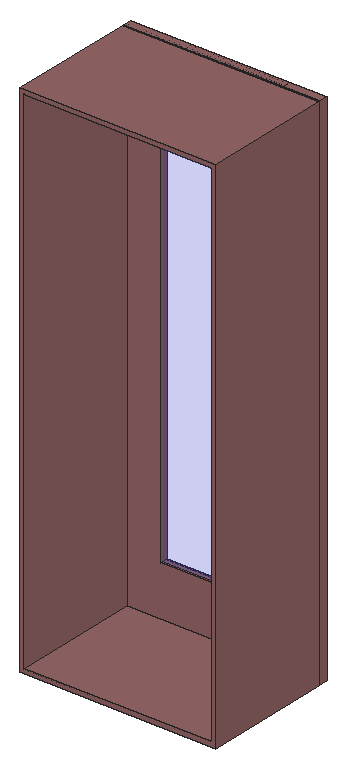
Revit family "Feuerloescher-Familie", category Sonderausstattung, Revit 2017
Family settings
  Basisbauteil = Wand
  Bemaßung runder Anschluss = Durchmesser verwenden
  Teiletyp = Normal
  OmniClass-Nummer = 23.65.70.17.11
  OmniClass-Titel = Fire Fighting Terminal Components
  Immer vertikal = Nein
  Beim Laden mit Abzugskörper schneiden = Nein
  Gemeinsam genutzt = Nein
  Raumberechnungspunkt = Nein
Parameters (values of type "55A/233B")
  Typenbild = 55A-233B.jpg
  Schrankmaterial = Metall - Oberfläche bemalt - Indian Red, Matt
  Tiefe = 215.00 mm
  Loescheinheit = 15
  Kosten = 200
  Glasscheibenmaterial = Glas
  Höhe = 813.00 mm
  Höhe Montage = 915.00 mm
  Breite = 305.00 mm
  Beschreibung = "Feuerloescher"
Types (10, lengths in mm): name | Typenbild | Loescheinheit | Kosten
  5A/21B | 5A-21B.jpg | 1 | 20
  8A/34B | 8A-34B.jpg | 2 | 40
  55B | 55B.jpg | 3 | 60
  13A/70B | 13A-70B.jpg | 4 | 80
  89B | 89B.jpg | 5 | 100
  21A/113B | 89B.jpg | 6 | 120
  27A/144B | 27A-144B.jpg | 9 | 140
  34A | 34A.jpg | 10 | 160
  43A/183B | 43A-183B.jpg | 12 | 180
  55A/233B | 55A-233B.jpg | 15 | 200
Reference planes
  plane 1: y = 0
  plane 2 "Mitte": x = -109.648
  plane 3: x = 42.852
  plane 4: x = -262.148
  plane 5: z = 1728
  plane 6: x = -14.298
  plane 7: x = -204.998
  plane 8: z = 915
  plane 9: y = 291.2
  plane 10: y = 76.2
  plane 11: y = 275.325
Forms (mm)
  Extrusion 1, solid, material "Metall - Oberfläche bemalt - Indian Red, Matt" <- "Schrankmaterial"
    sketch origin (0, 291.2, 0) x (0, 0, -1) y (-1, 0, 0)
      loop
        line (-1728, -42.852) -> (-915, -42.852) -> (-915, 262.148) -> (-1728, 262.148) -> (-1728, -42.852)
      loop
        line (-1645.45, 14.298) -> (-997.55, 14.298) -> (-997.55, 204.998) -> (-1645.45, 204.998) -> (-1645.45, 14.298)
    from 0 to -12.7
  Extrusion 2, solid, material "Glas" <- "Glasscheibenmaterial"
    sketch origin (0, 291.2, 0) x (0, 0, -1) y (-1, 0, 0)
      loop
        line (-1728, 14.298) -> (-997.55, 14.298) -> (-997.55, 262.148) -> (-1728, 262.148) -> (-1728, 14.298)
    from -3.175 to -9.525
  Extrusion 3, solid, material "Metall - Oberfläche bemalt - Indian Red, Matt" <- "Schrankmaterial"
    sketch origin (0, 76.2, 0) x (0, 0, -1) y (-1, 0, 0)
      loop
        line (-1728, -42.852) -> (-915, -42.852) -> (-915, 262.148) -> (-1728, 262.148) -> (-1728, -42.852)
      loop
        line (-1721.65, -36.502) -> (-921.35, -36.502) -> (-921.35, 255.798) -> (-1721.65, 255.798) -> (-1721.65, -36.502)
    from 0 to 199.125
Lines and regions (mm)
  symbolic lines
    curve 1: line (-262.148, 275.325, 0) -> (42.852, 275.325, 0)
    curve 2: line (-262.148, 288.025, 0) -> (42.852, 288.025, 0)
    curve 3: line (-262.148, 76.2, 0) -> (-262.148, 288.025, 0)
    curve 4: line (42.852, 76.2, 0) -> (-262.148, 76.2, 0)
    curve 5: line (42.852, 288.025, 0) -> (42.852, 76.2, 0)
Text (mm)
  text "Front" at (0, 1019.848, 3124.603), in view "Rechts"
  text "Front" at (-811.708, 558.621, 0), in view "Ref.-Ebene"
  text "Front" at (0, 983.686, 2265.984), in view "Links"
Dimensions and locks
  "Breite": plane 3 to plane 4
  equal spacing: plane 3, plane 2 "Mitte", plane 4
  locked: plane 3 to plane 6 at 57.15
  locked: plane 7 to plane 4 at 57.15
  "Höhe Montage": host wall to plane 8
  "Höhe": plane 8 to plane 5
  "Tiefe": plane 9 to plane 10
  locked: plane 9 to plane 11 at 15.875
  aligned and locked: host wall to curve 4
  aligned and locked: plane 10 to host wall
  aligned and locked: plane 11 to Extrusion 3
Automatic sketch dimensions
  curve 1 to plane 4 = 0.00 mm
  curve 4 to plane 3 = 0.00 mm
  curve 1 to curve 2 = 12.70 mm
  Extrusion 1 sketch curve to plane 4 = 0.00 mm
  Extrusion 1 sketch curve to plane 5 = 0.00 mm
  Extrusion 1 sketch curve to plane 6 = 0.00 mm
  Extrusion 1 sketch curve to plane 7 = 0.00 mm
  Extrusion 1 sketch curve to plane 8 = 0.00 mm
  Extrusion 1 sketch curve to plane 3 = 0.00 mm
  plane 5 to Extrusion 1 sketch curve = 82.55 mm
  Extrusion 1 sketch curve to plane 8 = 82.55 mm
  Extrusion 2 sketch curve to plane 7 = 57.15 mm
  Extrusion 2 sketch curve to plane 6 = 0.00 mm
  plane 5 to Extrusion 2 sketch curve = 0.00 mm
  Extrusion 2 sketch curve to plane 8 = 82.55 mm
  curve 1 to plane 11 = 0.00 mm
  Extrusion 3 sketch curve to plane 4 = 0.00 mm
  Extrusion 3 sketch curve to plane 5 = 0.00 mm
  Extrusion 3 sketch curve to plane 8 = 0.00 mm
  Extrusion 3 sketch curve to plane 3 = 0.00 mm
  plane 5 to Extrusion 3 sketch curve = 6.35 mm
  Extrusion 3 sketch curve to plane 8 = 6.35 mm
  Extrusion 3 sketch curve to plane 3 = 6.35 mm
  plane 4 to Extrusion 3 sketch curve = 6.35 mm
